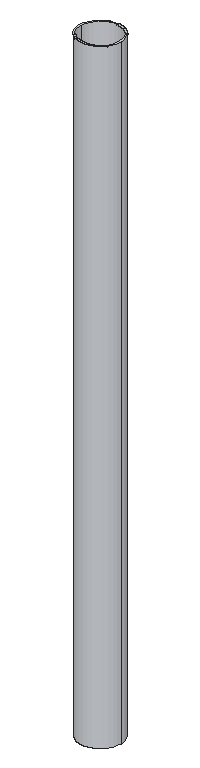
Revit family "StructuralColumns_TubeProfile", category Structural Columns, Revit 2018
Family settings
  Section Shape = Pipe Standard
  Material for Model Behavior = Steel
  Always export as geometry = No
  Beam cutback in plan = From bounding box
  Cut with Voids When Loaded = No
  Symbolic Representation = From Project Settings
  Shared = No
  Show family pre-cut in plan views = Yes
Parameters (values of type "TubeProfile")
  Wall Nominal Thickness = 6 mm
  Structural Material [instance] = none
  Diameter = 168 mm
  Centroid Vertical = 0 mm
  Centroid Horizontal = 0 mm
  Assembly Code = ""
Reference planes
  plane 1 "Center (Front/Back)": y = 0
  plane 2: z = 0
  plane 3 "Center (Left/Right)": x = 0
  plane 4: x = -84
  plane 5: x = 84
  plane 6: y = 84
  plane 7: y = -84
Forms (mm)
  Extrusion 1, solid, material <- "Structural Material", detail levels medium
    sketch origin (0, 0, 0) x (1, 0, 0) y (0, 1, 0)
      loop
        circle (0, 0) r 84
      loop
        circle (0, 0) r 78
    from 0 to 2500
  Extrusion 2, solid, material <- "Structural Material", detail levels fine
    sketch origin (0, 0, 0) x (1, 0, 0) y (0, 1, 0)
      loop
        circle (0, 0) r 84
      loop
        circle (0, 0) r 78
    from 0 to 2500
Lines and regions (mm)
  symbolic lines
    curve 1: arc (-84, 0, 0) -> (0, -84, 0) -> (84, 0, 0) r 84
    curve 2: arc (84, 0, 0) -> (0, 84, 0) -> (-84, 0, 0) r 84
Dimensions and locks
  equal spacing: plane 4, plane 3 "Center (Left/Right)", plane 5
  equal spacing: plane 7, plane 1 "Center (Front/Back)", plane 6
  "Diameter": plane 7 to plane 6
  "Diameter": plane 4 to plane 5
  "Wall Nominal Thickness": Extrusion 2 sketch curve to plane 5
  "Wall Nominal Thickness": Extrusion 1 sketch curve to Extrusion 1 sketch curve
  aligned and locked: level to Extrusion 1
  aligned and locked: level to plane 2
  aligned and locked: Extrusion 1 to plane 2
  aligned and locked: level to Extrusion 2
  aligned and locked: Extrusion 2 to level
Automatic sketch dimensions
  plane 1 "Center (Front/Back)" to curve 1 = 0 mm
  curve 2 to plane 4 = 0 mm
  curve 2 to plane 3 "Center (Left/Right)" = 0 mm
  Extrusion 1 sketch curve to Extrusion 1 sketch curve = 0 mm  (x2)
  plane 1 "Center (Front/Back)" to Extrusion 1 sketch curve = 0 mm
  Extrusion 1 sketch curve to plane 4 = 0 mm
  Extrusion 1 sketch curve to plane 3 "Center (Left/Right)" = 0 mm
  Extrusion 2 sketch curve to Extrusion 2 sketch curve = 0 mm  (x2)
  plane 1 "Center (Front/Back)" to Extrusion 2 sketch curve = 0 mm
  Extrusion 2 sketch curve to plane 4 = 0 mm
  Extrusion 2 sketch curve to plane 3 "Center (Left/Right)" = 0 mm
